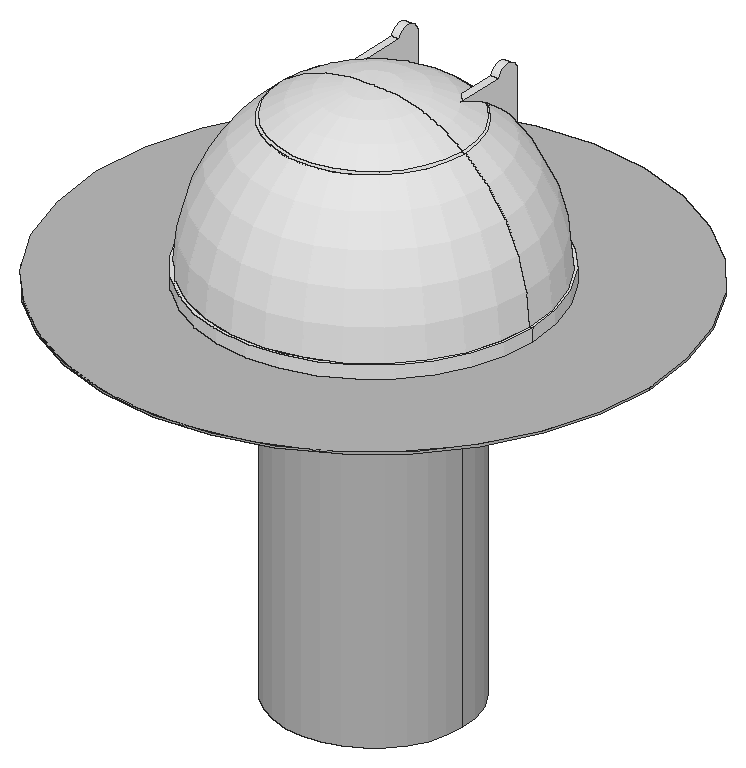
Revit family "Roof-Access_Drain_Acudor_Retrofit", category Plumbing Fixtures, Revit 2026
Family settings
  Round Connector Dimension = Use Diameter
  Part Type = Normal
  Work Plane-Based = Yes
  Enable Cutting in Views = No
  Always vertical = No
  Cut with Voids When Loaded = No
  Maintain Annotation Orientation = No
  Shared = No
  Room Calculation Point = No
Parameters (values of type "Recessed Deck 5.75in")
  drainor = Drain OD / 2  # 0' - 2 59/64"
  Warranty Duration (Years) = 0
  Unit Width = 1' - 6"
  Unit Height = 0' - 5 3/4"
  Unit Depth = 0' - 1"
  URL = ""
  Standards Conformance = "CSA-B79  ;  ASME 112-6-4"
  Specification = ""
  SpecWizard = ""
  Send Message = ""
  Sales Information = ""
  Revision = "R1_01-2014"
  Product Properties = ""
  Product Data = ""
  Piping_Water Flow_Secondary [instance] = 0 GPM
  Opening Width = 0' - 0"
  Opening Height = 0' - 0"
  Model = "ARDR05"
  Manufacturer Website = ""
  Manufacturer Phone - Toll Free = ""
  Manufacturer Phone = ""
  Manufacturer Fax = ""
  Manufacturer Address = ""
  Manufacturer = ""
  Maintenance Schedule (Months) = 0
  Keynote = ""
  Installation-Fabrication = ""
  Installation Phase = ""
  Green Building-LEED = ""
  Fixture Finish [instance] = Metal - Acudor - Steel
  Expected Lifespan (Years) = 0
  Drawn By = "Sumex Design, Inc. / Robert S. Weygant, CSI, CDT, SCIP"
  Drain Pipe Connection Size = 5 3/4"
  Drain OD = Drain Pipe Connection Size + 3/32"  # 5 27/32"
  Drain Cap Color [instance] = Metal - Acudor - White Powdercoat Aluminum
  Door Width = Unit Width - 0' 0 1/2"  # 1' - 5 1/2"
  Door Height = Unit Height - 0' 0 1/2"  # 0' - 5 1/4"
  Description = "Acudor Retrofit Aluminum Roof Drain - ARDR05 as Specified"
  Default Elevation = 0' - 0"  # constant formula
  Copyright = "©Arcat Inc."
  Construction Details = ""
  Clearance Material [instance] = ARCAT Clearance
  Assembly Code = ""
Types (9): name | drainor | Model | Drain Pipe Connection Size | Drain OD | Description
  Recessed Deck 5.75in | 0' - 2 59/64" | "ARDR05" | 5 3/4" | 5 27/32" | "Acudor Retrofit Aluminum Roof Drain - ARDR05 as Specified"
  Recessed Deck 4.75in | 0' - 2 27/64" | "ARDR04" | 4 3/4" | 4 27/32" | "Acudor Retrofit Aluminum Roof Drain - ARDR04 as Specified"
  Recessed Deck 3.75in | 0' - 1 59/64" | "ARDR03" | 3 3/4" | 3 27/32" | "Acudor Retrofit Aluminum Roof Drain - ARDR03 as Specified"
  Recessed Deck 2.75in | 0' - 1 27/64" | "ARDR02" | 2 3/4" | 2 27/32" | "Acudor Retrofit Aluminum Roof Drain - ARDR02 as Specified"
  Flat Deck 5.75in | 0' - 2 59/64" | "ARDF05" | 5 3/4" | 5 27/32" | "Acudor Retrofit Aluminum Roof Drain - ARDF05 as Specified"
  Flat Deck 4.75in | 0' - 2 27/64" | "ARDF04" | 4 3/4" | 4 27/32" | "Acudor Retrofit Aluminum Roof Drain - ARDF04 as Specified"
  Flat Deck 3.75in | 0' - 1 59/64" | "ARDF03" | 3 3/4" | 3 27/32" | "Acudor Retrofit Aluminum Roof Drain - ARDF03 as Specified"
  Flat Deck 2.75in | 0' - 1 27/64" | "ARDF02" | 2 3/4" | 2 27/32" | "Acudor Retrofit Aluminum Roof Drain - ARDF02 as Specified"
  Flat Deck 1.75in | 0' - 0 59/64" | "ARDF01" | 1 3/4" | 1 27/32" | "Acudor Retrofit Aluminum Roof Drain - ARDF01 as Specified"
Reference planes (in)
  plane 1 "Center (Front/Back)": y = 0
  plane 2 "Bottom": z = 0
  plane 3 "Center (Left/Right)": x = 0
  plane 4 "Front": y = -9
  plane 5 "Back": y = 9
  plane 6 "Left": x = -9
  plane 7 "Right": x = 9
  plane 8 "Top": z = 5.75
  plane 9: x = -2.92187
Forms (in)
  Extrusion 1, solid, material "Metal - Acudor - Steel" <- "Fixture Finish"
    sketch origin (0, 0, 0) x (1, 0, 0) y (0, 1, 0)
      loop
        circle (0, 0) r 9
    from 0 to 0.0625
  Revolve 2, solid, material "Metal - Acudor - White Powdercoat Aluminum" <- "Drain Cap Color"
    sketch origin (0, 0, 0) x (1, 0, 0) y (0, 0, 1)
      loop
        line (0, 0.0625) -> (0, 4.78691) -> (-3, 4.78691)
        arc (-3, 4.78691) -> (-4.55345, 2.87147) -> (-5.10937, 0.46875) r 5.47849
        line (-5.10937, 0.46875) -> (-5.20312, 0.46875) -> (-5.20312, 0.0625) -> (0, 0.0625)
      loop
        line (-2.92183, 4.84675) -> (0, 4.84675) -> (0, 5.75)
        arc (0, 5.75) -> (-1.53732, 5.54552) -> (-2.92183, 4.84675) r 4.64887
      axis (0, 5.75) -> (0, 0.0625)
    angle from 0 to 360
  Extrusion 3, solid, material "Metal - Acudor - White Powdercoat Aluminum" <- "Drain Cap Color"
    sketch origin (0, 0, 0) x (0, 1, 0) y (0, 0, 1)
      loop
        arc (3.68046, 5.14258) -> (3.35423, 5.52116) -> (2.93161, 5.25444) r 0.38278
        line (2.93161, 5.25444) -> (0.93046, 5.25444) -> (0.93046, 2.98429) -> (3.68046, 2.98429) -> (3.68046, 5.14258)
    from -1.75 to -1.5
  Extrusion 4, solid, material "Metal - Acudor - White Powdercoat Aluminum" <- "Drain Cap Color"
    sketch origin (0, 0, 0) x (0, 1, 0) y (0, 0, -1)
      loop
        line (3.68046, -5.14258) -> (3.68046, -2.98429) -> (0.93046, -2.98429) -> (0.93046, -5.25444) -> (2.93161, -5.25444)
        arc (2.93161, -5.25444) -> (3.35423, -5.52116) -> (3.68046, -5.14258) r 0.38278
    from -1.75 to -1.5
  Extrusion 5, solid, material "Metal - Acudor - Steel" <- "Fixture Finish"
    sketch origin (0, 0, 0) x (1, 0, 0) y (0, 1, 0)
      loop
        circle (0, 0) r 2.92188
    from 0 to -12
  Revolve 6, solid, material "Metal - Acudor - Steel" <- "Fixture Finish"
    sketch origin (0, 0, 0) x (1, 0, 0) y (0, 0, 1)
      loop
        line (0, 0) -> (-4, 0)
        arc (-4, 0) -> (-3.29289, -0.29289) -> (-3, -1) r 1
        line (-3, -1) -> (0, -1) -> (0, 0)
      axis (0, 0) -> (0, -1)
    angle from 0 to 360
Cuts and joins
  joined: Extrusion 1, Extrusion 5, Revolve 6
Dimensions and locks (in)
  equal spacing: plane 6 "Left", plane 3 "Center (Left/Right)", plane 7 "Right"
  "Unit Width": plane 6 "Left" to plane 7 "Right"
  equal spacing: plane 5 "Back", plane 1 "Center (Front/Back)", plane 4 "Front"
  "Unit Width": plane 5 "Back" to plane 4 "Front"
  "Unit Height": plane 8 "Top" to level
  locked: plane 3 "Center (Left/Right)" to Extrusion 5 sketch curve at 0
  "Drain OD": Extrusion 5 sketch curve to Extrusion 5 sketch curve
  "drainor": plane 3 "Center (Left/Right)" to plane 9
  Revolve 6 sketch curve to Revolve 6 sketch curve to plane 9 = 0' - 1" locked, 0' - 0 5/64" locked
Automatic sketch dimensions
  plane 1 "Center (Front/Back)" to Extrusion 1 sketch curve = 0' - 0"
  Extrusion 1 sketch curve to plane 3 "Center (Left/Right)" = 0' - 0"
  Revolve 2 sketch curve to plane 3 "Center (Left/Right)" = 0' - 0"  (x3)
  Revolve 2 sketch curve to plane 8 "Top" = 0' - 0"
  Revolve 2 sketch curve to plane 3 "Center (Left/Right)" = 0' - 0.16428"
  Revolve 2 sketch curve to plane 8 "Top" = 0' - 0.90325"
  Revolve 2 sketch curve to Revolve 2 sketch curve = 0' - 2.92183"
  Revolve 2 sketch curve to Revolve 2 sketch curve = 0' - 0.07817"
  level to Revolve 2 sketch curve = 0' - 0 15/32"
  plane 6 "Left" to Revolve 2 sketch curve = 0' - 3 57/64"
  Revolve 2 sketch curve to Revolve 2 sketch curve = 0' - 0 3/32"
  plane 3 "Center (Left/Right)" to Revolve 2 sketch curve = 0' - 0.36912"
  level to Revolve 2 sketch curve = 0' - 0.46685"
  level to Revolve 2 sketch curve = 0' - 0 1/16"
  Revolve 2 sketch curve to level = 0' - 4 1/4"
  Revolve 2 sketch curve to Revolve 2 sketch curve = 0' - 5.9653"
  Extrusion 3 sketch curve to plane 1 "Center (Front/Back)" = 0' - 0.93046"
  Extrusion 3 sketch curve to Extrusion 3 sketch curve = 0' - 2.00115"
  Extrusion 3 sketch curve to Extrusion 3 sketch curve = 0' - 0.36607"
  Extrusion 3 sketch curve to Extrusion 3 sketch curve = 0' - 0.38278"
  Extrusion 3 sketch curve to plane 8 "Top" = 0' - 2.76571"
  Extrusion 3 sketch curve to plane 8 "Top" = 0' - 0.60742"
  Extrusion 4 sketch curve to plane 1 "Center (Front/Back)" = 0' - 0.93046"
  Extrusion 4 sketch curve to Extrusion 4 sketch curve = 0' - 2.00115"
  Extrusion 4 sketch curve to Extrusion 4 sketch curve = 0' - 0.36607"
  Extrusion 4 sketch curve to Extrusion 4 sketch curve = 0' - 0.38278"
  Extrusion 4 sketch curve to plane 8 "Top" = 0' - 0.49556"
  Extrusion 4 sketch curve to Extrusion 4 sketch curve = 0' - 2.27015"
  Revolve 6 sketch curve to plane 3 "Center (Left/Right)" = 0' - 0"  (x2)
  Revolve 6 sketch curve to level = 0' - 0"
  Revolve 6 sketch curve to Revolve 6 sketch curve = 0' - 1"
  plane 8 "Top" to Revolve 6 sketch curve = 0' - 2 1/2"
  plane 1 "Center (Front/Back)" to Extrusion 5 sketch curve = 0' - 0"
  radius of Extrusion 1 sketch curve = 0' - 9"
Connectors (in)
  piping at (0, 0, -12), diameter 5.75, driven by "Piping_Water Flow_Secondary", driven by "Drain Pipe Connection Size"
    settings: on cut or joined group of Extrusion 1, Extrusion 5, Revolve 6, index 1, connector inside diameter 24", connector length 0' - 0", flow factor 0, pipe flow 0 GPM, pressure drop 0.00 psi, fitting loss kfactor 0, connector angle 0.00°, fixture units 0, engagement length 0' - 0", angle of deflection 0.00°, flow configuration 0, flow direction 2, fitting loss method 0, system type 29, joint type 0, gender type 0, connector reference index -1, connector utility 0, adjustable connector no, is connector primary yes, connector description ""
